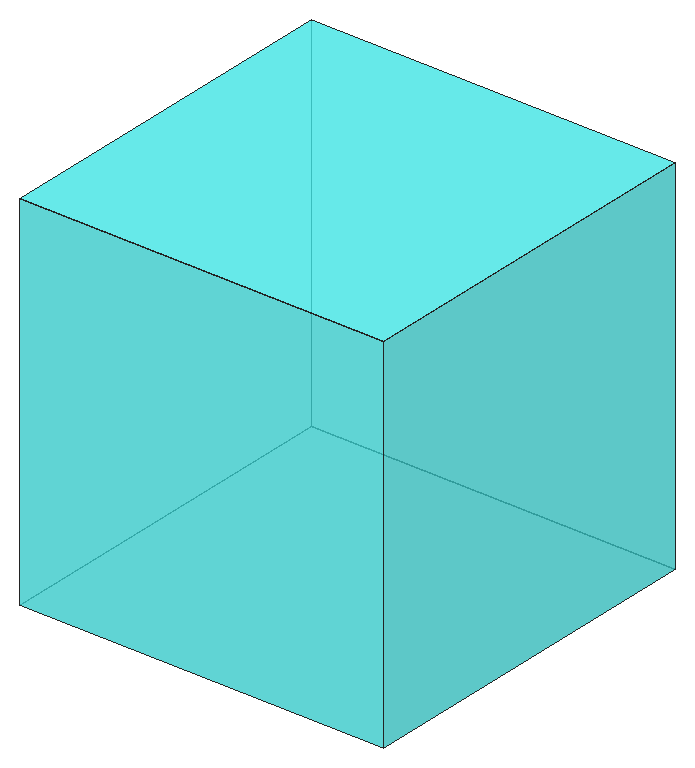
Revit family "Space Planning Box", category Generic Models, Revit 2022
Family settings
  Can host rebar = No
  Round Connector Dimension = Use Diameter
  Part Type = Normal
  Work Plane-Based = No
  Always vertical = Yes
  Cut with Voids When Loaded = No
  Maintain Annotation Orientation = No
  Shared = No
  Room Calculation Point = No
Parameters
  Width [instance] = 5' - 0"
  Type Comments = "..."
  Room Name [instance] = "?"
  Program Area [instance] = 0.00 SF
  Length [instance] = 5' - 0"
  Interior Finish [instance] = ""
  Height [instance] = 5' - 0"
  Fill Color [instance] = Cyan
  Exterior Finish [instance] = ""
  Default Elevation = 0' - 0"
  Assembly Code = "..."
  Area [instance] = Width * Length  # 25.00 SF
Reference planes (in)
  plane 1 "Center (Front/Back)": y = 0
  plane 2: z = 0
  plane 3 "Center (Left/Right)": x = 0
  plane 4 "Right": x = 30
  plane 5 "Left": x = -30
  plane 6 "Back": y = 30
  plane 7 "Front": y = -30
  plane 8: z = 60
Forms (in)
  Extrusion 1, solid, material "Cyan" <- "Fill Color"
    sketch origin (0, 0, 0) x (1, 0, 0) y (0, 1, 0)
      loop
        line (-30, 30) -> (-30, -30) -> (30, -30) -> (30, 30) -> (-30, 30)
    from 0 to 60
Dimensions and locks (in)
  equal spacing: plane 5 "Left", plane 3 "Center (Left/Right)", plane 4 "Right"
  equal spacing: plane 6 "Back", plane 1 "Center (Front/Back)", plane 7 "Front"
  "Width": plane 5 "Left" to plane 4 "Right"
  "Length": plane 6 "Back" to plane 7 "Front"
  "Height": plane 8 to level
  aligned and locked: plane 2 to level
  aligned and locked: Extrusion 1 sketch curve to plane 6 "Back"
  aligned and locked: plane 5 "Left" to Extrusion 1 sketch curve
  aligned and locked: plane 7 "Front" to Extrusion 1 sketch curve
  aligned and locked: Extrusion 1 sketch curve to plane 4 "Right"
  aligned and locked: plane 8 to Extrusion 1
